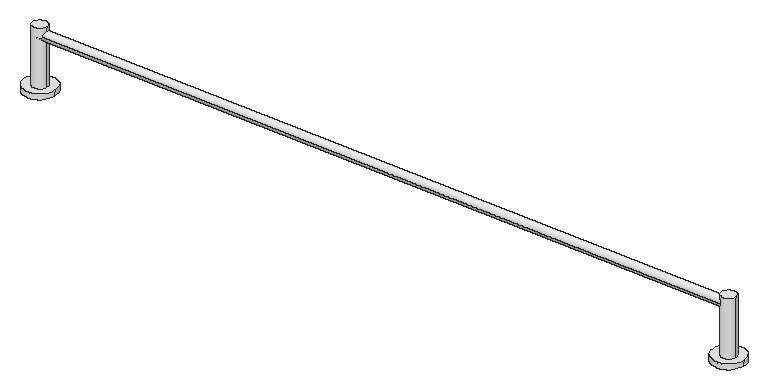
Revit family "CL60021-C_ROUND 900MM SINGLE TOWEL  RAIL", category Specialty Equipment, host Face, Revit 2015
Parameters (values of type "ROUND 900MM SINGLE TOWEL  RAIL CHROME")
  URL = "https://www.clark.com.au/"
  Rail_Length = 900 mm
  Model = "CL60021.C"
  Material_Base = GWA_Metal-Chrome
  Manufacturer = "GWA Bathrooms & Kitchens"  # constant formula
  Description = "ROUND 900MM SINGLE TOWEL  RAIL CHROME"
  Default Elevation = 900 mm
  CreatedBy_ANZRS = "GWA Bathrooms & Kitchens"  # constant formula
  Assembly Code = "C1030200"
Types (3, lengths in mm): name | Model | Material_Base | Description
  (no name) | "CL60021.C" | GWA_Metal-Chrome | "ROUND 900MM SINGLE TOWEL  RAIL CHROME"
  ROUND 900MM SINGLE TOWEL  RAIL CHROME | "CL60021.C" | GWA_Metal-Chrome | "ROUND 900MM SINGLE TOWEL  RAIL CHROME"
  ROUND 900MM SINGLE TOWEL  RAIL BLACK | "CL60021.B" | GWA-Metal-Black | "ROUND 900MM SINGLE TOWEL  RAIL BLACK"
Reference planes
  plane 1 "Center (Front/Back)": y = 0
  plane 2: z = 0
  plane 3 "Center (Left/Right)": x = 0
  plane 4 "Left Support": x = -450
  plane 5 "Right Support": x = 450
Forms (mm)
  Extrusion 1, solid, material "GWA_Metal-Chrome" <- "Material_Base"
    sketch origin (0, 0, 0) x (1, 0, 0) y (0, 1, 0)
      loop
        circle (-450, 0) r 20
    from 0 to 6.5
  Extrusion 2, solid, material "GWA_Metal-Chrome" <- "Material_Base"
    sketch origin (0, 0, 0) x (1, 0, 0) y (0, 1, 0)
      loop
        circle (450, 0) r 20
    from 0 to 6.5
  Extrusion 3, solid, material "GWA_Metal-Chrome" <- "Material_Base"
    sketch origin (0, 0, 0) x (1, 0, 0) y (0, 1, 0)
      loop
        circle (-450, 0) r 9
    from 6.5 to 76.5
  Extrusion 4, solid, material "GWA_Metal-Chrome" <- "Material_Base"
    sketch origin (0, 0, 0) x (1, 0, 0) y (0, 1, 0)
      loop
        circle (450, 0) r 9
    from 6.5 to 76.5
  Extrusion 5, solid, material "GWA_Metal-Chrome" <- "Material_Base"
    sketch origin (0, 0, 0) x (0, 1, 0) y (0, 0, 1)
      loop
        circle (0, 66.5) r 6
    from -450 to 450
Lines and regions (mm)
  Masking region 1
    outline origin (0, 0, 0) x (1, 0, 0) y (0, 0, 1)
      loop
        line (441, 6.5) -> (430, 6.5) -> (430, 0) -> (470, 0) -> (470, 6.5) -> (459, 6.5) -> (459, 76.5) -> (441, 76.5) -> (441, 72.5) -> (-441, 72.5) -> (-441, 76.5) -> (-459, 76.5) -> (-459, 6.5) -> (-470, 6.5) -> (-470, 0) -> (-430, 0) -> (-430, 6.5) -> (-441, 6.5) -> (-441, 60.5) -> (441, 60.5) -> (441, 6.5)
  Masking region 2
    outline origin (0, 0, 0) x (1, 0, 0) y (0, 1, 0)
      loop
        arc (-430.921, 6) -> (-453.035, 19.768) -> (-470, 0) r 20
        arc (-470, 0) -> (-453.035, -19.768) -> (-430.921, -6) r 20
        line (-430.921, -6) -> (430.921, -6)
        arc (430.921, -6) -> (453.035, -19.768) -> (470, 0) r 20
        arc (470, 0) -> (453.035, 19.768) -> (430.921, 6) r 20
        line (430.921, 6) -> (-430.921, 6)
  Masking region 3
    outline origin (0, 0, 0) x (0, 1, 0) y (0, 0, 1)
      loop
        line (-9, 76.5) -> (-9, 6.5) -> (-20, 6.5) -> (-20, 0) -> (20, 0) -> (20, 6.5) -> (9, 6.5) -> (9, 76.5) -> (-9, 76.5)
  symbolic lines
    curve 1: line (441, 0, 6.5) -> (459, 0, 6.5)
    curve 2: line (441, 0, 72.5) -> (441, 0, 60.5)
    curve 3: line (-441, 0, 72.5) -> (-441, 0, 60.5)
    curve 4: line (-459, 0, 6.5) -> (-441, 0, 6.5)
    curve 5: circle (-450, 0, 0) r 9 normal (0, 0, 1)
    curve 6: line (-430.921, 6, 0) -> (-443.292, 6, 0)
    curve 7: line (-430.921, -6, 0) -> (-443.292, -6, 0)
    curve 8: circle (450, 0, 0) r 9 normal (0, 0, 1)
    curve 9: line (430.921, 6, 0) -> (443.292, 6, 0)
    curve 10: line (430.921, -6, 0) -> (443.292, -6, 0)
    curve 11: line (0, -9, 6.5) -> (0, 9, 6.5)
Dimensions and locks
  equal spacing: plane 4 "Left Support", plane 3 "Center (Left/Right)", plane 5 "Right Support"
  "Rail_Length": plane 4 "Left Support" to plane 5 "Right Support"
  aligned and locked: plane 2 to host face
  aligned and locked: level to host face
  aligned and locked: Extrusion 5 to plane 4 "Left Support"
  aligned and locked: plane 5 "Right Support" to Extrusion 5
Automatic sketch dimensions
  host sketch curve to host sketch curve = 2438.4 mm  (x2)
  plane 1 "Center (Front/Back)" to Extrusion 1 sketch curve = 0 mm
  Extrusion 1 sketch curve to plane 4 "Left Support" = 0 mm
  plane 1 "Center (Front/Back)" to Extrusion 2 sketch curve = 0 mm
  Extrusion 2 sketch curve to plane 5 "Right Support" = 0 mm
  plane 1 "Center (Front/Back)" to Extrusion 3 sketch curve = 0 mm
  Extrusion 3 sketch curve to plane 4 "Left Support" = 0 mm
  plane 1 "Center (Front/Back)" to Extrusion 4 sketch curve = 0 mm
  Extrusion 4 sketch curve to plane 5 "Right Support" = 0 mm
  Extrusion 5 sketch curve to plane 1 "Center (Front/Back)" = 0 mm
  level to Extrusion 5 sketch curve = 66.5 mm
  Masking region 1 sketch curve to level = 0 mm  (x2)
  plane 4 "Left Support" to Masking region 1 sketch curve = 9 mm  (x2)
  Masking region 1 sketch curve to plane 5 "Right Support" = 9 mm  (x2)
  Masking region 1 sketch curve to plane 4 "Left Support" = 9 mm
  Masking region 1 sketch curve to Masking region 1 sketch curve = 11 mm  (x3)
  level to Masking region 1 sketch curve = 6.5 mm  (x3)
  Masking region 1 sketch curve to plane 5 "Right Support" = 20 mm
  plane 5 "Right Support" to Masking region 1 sketch curve = 9 mm
  Masking region 1 sketch curve to Masking region 1 sketch curve = 6.5 mm
  Masking region 1 sketch curve to Masking region 1 sketch curve = 70 mm
  Masking region 1 sketch curve to Masking region 1 sketch curve = 16 mm
  Masking region 1 sketch curve to Masking region 1 sketch curve = 4 mm
  Masking region 1 sketch curve to Masking region 1 sketch curve = 12 mm
  curve 4 to plane 4 "Left Support" = 9 mm
  level to curve 1 = 6.5 mm
  plane 4 "Left Support" to curve 4 = 9 mm
  plane 4 "Left Support" to curve 3 = 9 mm
  curve 1 to plane 5 "Right Support" = 9 mm
  curve 2 to plane 5 "Right Support" = 9 mm
  plane 5 "Right Support" to curve 1 = 9 mm
  level to curve 4 = 6.5 mm
  curve 1 to curve 2 = 54 mm
  curve 4 to curve 3 = 54 mm
  curve 3 to curve 3 = 12 mm
  curve 2 to curve 2 = 12 mm
  Masking region 2 sketch curve to Masking region 2 sketch curve = 0 mm  (x2)
  plane 1 "Center (Front/Back)" to Masking region 2 sketch curve = 0 mm  (x2)
  Masking region 2 sketch curve to plane 4 "Left Support" = 0 mm
  Masking region 2 sketch curve to plane 5 "Right Support" = 0 mm
  Masking region 2 sketch curve to plane 1 "Center (Front/Back)" = 6 mm
  plane 4 "Left Support" to Masking region 2 sketch curve = 19.079 mm
  plane 1 "Center (Front/Back)" to Masking region 2 sketch curve = 6 mm
  Masking region 2 sketch curve to plane 5 "Right Support" = 19.079 mm
  plane 1 "Center (Front/Back)" to curve 5 = 0 mm
  curve 5 to plane 4 "Left Support" = 0 mm
  plane 1 "Center (Front/Back)" to curve 8 = 0 mm
  curve 8 to plane 5 "Right Support" = 0 mm
  plane 4 "Left Support" to curve 7 = 6.708 mm
  plane 4 "Left Support" to curve 6 = 6.708 mm
  curve 6 to plane 1 "Center (Front/Back)" = 6 mm
  curve 6 to curve 6 = 12.371 mm
  curve 7 to curve 6 = 0 mm
  curve 9 to plane 1 "Center (Front/Back)" = 6 mm
  curve 9 to plane 5 "Right Support" = 19.079 mm
  curve 10 to curve 9 = 0 mm
  curve 10 to plane 5 "Right Support" = 6.708 mm
  plane 1 "Center (Front/Back)" to curve 10 = 6 mm
  Masking region 3 sketch curve to level = 0 mm
  plane 1 "Center (Front/Back)" to Masking region 3 sketch curve = 20 mm
  Masking region 3 sketch curve to plane 1 "Center (Front/Back)" = 9 mm
  Masking region 3 sketch curve to Masking region 3 sketch curve = 11 mm
  level to Masking region 3 sketch curve = 6.5 mm
  Masking region 3 sketch curve to Masking region 3 sketch curve = 6.5 mm
  Masking region 3 sketch curve to Masking region 3 sketch curve = 70 mm
  plane 1 "Center (Front/Back)" to Masking region 3 sketch curve = 9 mm
  plane 1 "Center (Front/Back)" to curve 11 = 9 mm
  level to curve 11 = 6.5 mm
  curve 11 to plane 1 "Center (Front/Back)" = 9 mm
  radius of Extrusion 1 sketch curve = 20 mm
  radius of Extrusion 2 sketch curve = 20 mm
  radius of Extrusion 3 sketch curve = 9 mm
  radius of Extrusion 4 sketch curve = 9 mm
  radius of Extrusion 5 sketch curve = 6 mm
